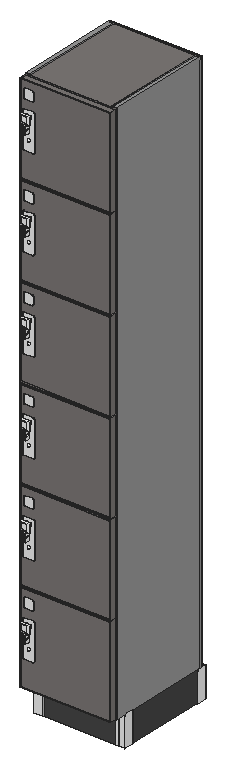
Revit family "Wood_Lockers_Hasps-Salsbury_Industries-46000_Series-1_Wide_Units.rfa", category Specialty Equipment, Revit 2016 (continued)
Definition of nested family "Wood Locker Flat Corner Fillers"
  Dimensions and locks (in)
    equal spacing: plane 5 "Left Side", plane 3 "Center (Left/Right)", plane 4 "Right Side"
    "Width": plane 5 "Left Side" to plane 4 "Right Side"
    "Depth": plane 6 "Front Side" to plane 7 "Back Side"
    "Height": plane 9 "Top Side" to plane 8 "Bottom"
    locked: plane 9 "Top Side" to plane 10 "Wood - Laminate Line" at 0.031
    locked: plane 6 "Front Side" to plane 12 at 3
    locked: plane 5 "Left Side" to plane 11 at 3
    plane 12 to plane 7 "Back Side" = 13.875"
    aligned and locked: level to plane 2
  Automatic sketch dimensions
    Extrusion 2 sketch curve to plane 5 "Left Side" = 0.000"
    plane 6 "Front Side" to Extrusion 2 sketch curve = 0.000"
    Extrusion 2 sketch curve to plane 11 = 0.000"
    Extrusion 2 sketch curve to plane 4 "Right Side" = 0.000"
    Extrusion 2 sketch curve to plane 12 = 0.000"
    plane 7 "Back Side" to Extrusion 2 sketch curve = 0.000"
    Extrusion 1 sketch curve to plane 5 "Left Side" = 0.000"
    plane 7 "Back Side" to Extrusion 1 sketch curve = 0.000"
    Extrusion 1 sketch curve to plane 12 = 0.000"
    Extrusion 1 sketch curve to plane 4 "Right Side" = 0.000"
    plane 6 "Front Side" to Extrusion 1 sketch curve = 0.000"
    Extrusion 1 sketch curve to plane 11 = 0.000"
Definition of nested family "Wood Locker Side Panels-No Slope"
  Parameters (values of type "44330 - 6' H for 15"D Lockers")
    Width = 14.625"
    Visible = yes
    Version = "1.0 (12/15/23)"
    Type Comments = "Side Panel for Premier Wood Lockers without Sloping Hood"
    Model = "44330"
    Manufacturer = "Salsbury Industries"
    Laminate Surface = none
    Height = 72.000"
    Door Trim = none
    Description = "6' H for 15\" D Lockers"
    Depth = 0.750"
  Types (6): name | Width | Visible | Version | Type Comments | Model | Manufacturer | Description
    (no name) | 14.625" | yes | "1.0 (12/15/23)" | "Side Panel for Premier Wood Lockers without Sloping Hood" | "44330" | "Salsbury Industries" | "6' H for 15\" D Lockers"
    44330 - 6' H for 15"D Lockers | 14.625" | yes | "1.0 (12/15/23)" | "Side Panel for Premier Wood Lockers without Sloping Hood" | "44330" | "Salsbury Industries" | "6' H for 15\" D Lockers"
    44333 - 6' H for 18" D Lockers | 17.625" | yes | "1.0 (12/15/23)" | "Side Panel for Premier Wood Lockers withouth Sloping Hood" | "44333" | "Salsbury Industries" | "6' H for 18\" D Lockers"
    44335 - 6' H for 21" D Lockers | 20.625" | yes | "1.0 (12/15/23)" | "Side Panel for Premier Wood Lockers without Sloping Hood" | "44335" | "Salsbury Industries" | "6' H for 21\" D Lockers"
    None | 14.000" | no | "" | "" | "" | "" | ""
    44237 - 6' H for 24" D Lockers | 23.625" | yes | "1.0 (12/15/23)" | "Side Panel for Premier Wood Lockers without Sloping Hood" | "44237" | "Salsbury Industries" | "6' H for 21\" D Lockers"
  Reference planes (in)
    plane 1 "Center (Front/Back)": y = 0
    plane 2: z = 0
    plane 3 "Center (Left/Right)": x = 0
    plane 4 "Back": y = 0.375
    plane 5 "Front": y = -0.375
    plane 6 "Left Side": x = -7.3125
    plane 7 "Right Side": x = 7.3125
    plane 8 "Bottom": z = 0
    plane 9 "Top": z = 72
    plane 10 "Center Elevation": z = 36
    plane 11 "Wood - Laminate Edge": y = -0.344
    plane 12 "Right Side of Wood": x = 7.2815
    plane 13 "Left Side of Wood": x = -7.2815
    plane 14 "Top of Wood": z = 71.969
    plane 15 "Bottom of Wood": z = 0.031
  Forms (in)
    Extrusion 1, solid, visible <- "Visible"
      sketch origin (0, 0.375, 0) x (1, 0, 0) y (0, 0, 1)
        loop
          line (7.2815, 71.969) -> (-7.2815, 71.969) -> (-7.2815, 0.031) -> (7.2815, 0.031) -> (7.2815, 71.969)
      from 0 to 0.719
    Extrusion 2, solid, material <- "Laminate Surface", visible <- "Visible"
      sketch origin (0, -0.375, 0) x (1, 0, 0) y (0, 0, 1)
        loop
          line (-7.3125, 72) -> (-7.3125, 0) -> (7.3125, 0) -> (7.3125, 72) -> (-7.3125, 72)
      from -0.031 to 0
    Extrusion 3, solid, material <- "Laminate Surface", visible <- "Visible"
      sketch origin (0, 0, 0) x (1, 0, 0) y (0, 0, 1)
        loop
          line (-7.3125, 0) -> (7.3125, 0) -> (7.3125, 72) -> (-7.3125, 72) -> (-7.3125, 0)
        loop
          line (-7.2815, 0.031) -> (7.2815, 0.031) -> (7.2815, 71.969) -> (-7.2815, 71.969) -> (-7.2815, 0.031)
      from -0.375 to 0.344
  Dimensions and locks (in)
    equal spacing: plane 6 "Left Side", plane 3 "Center (Left/Right)", plane 7 "Right Side"
    plane 5 "Front" to plane 1 "Center (Front/Back)" to plane 4 "Back" = 0.375", 0.375"
    "Width": plane 6 "Left Side" to plane 7 "Right Side"
    "Depth": plane 5 "Front" to plane 4 "Back"
    equal spacing: plane 9 "Top", plane 10 "Center Elevation", plane 8 "Bottom"
    "Height": plane 9 "Top" to plane 8 "Bottom"
    locked: plane 5 "Front" to plane 11 "Wood - Laminate Edge" at 0.031
    locked: plane 15 "Bottom of Wood" to plane 8 "Bottom" at 0.031
    locked: plane 12 "Right Side of Wood" to plane 7 "Right Side" at 0.031
    locked: plane 6 "Left Side" to plane 13 "Left Side of Wood" at 0.031
    locked: plane 9 "Top" to plane 14 "Top of Wood" at 0.031
    aligned and locked: level to plane 2
    aligned and locked: Extrusion 2 sketch curve to plane 7 "Right Side"
    aligned and locked: plane 8 "Bottom" to Extrusion 2 sketch curve
    aligned and locked: plane 6 "Left Side" to Extrusion 2 sketch curve
    aligned and locked: plane 9 "Top" to Extrusion 2 sketch curve
    aligned and locked: Extrusion 3 to plane 4 "Back"
    aligned and locked: plane 11 "Wood - Laminate Edge" to Extrusion 3
  Automatic sketch dimensions
    plane 13 "Left Side of Wood" to Extrusion 1 sketch curve = 0.000"
    plane 12 "Right Side of Wood" to Extrusion 1 sketch curve = 0.000"
    Extrusion 1 sketch curve to plane 15 "Bottom of Wood" = 0.000"
    Extrusion 1 sketch curve to plane 14 "Top of Wood" = 0.000"
    plane 13 "Left Side of Wood" to Extrusion 3 sketch curve = 0.000"
    Extrusion 3 sketch curve to level = 0.000"
    plane 13 "Left Side of Wood" to Extrusion 3 sketch curve = 0.031"
    plane 12 "Right Side of Wood" to Extrusion 3 sketch curve = 0.000"
    plane 7 "Right Side" to Extrusion 3 sketch curve = 0.000"
    Extrusion 3 sketch curve to plane 15 "Bottom of Wood" = 0.000"
    Extrusion 3 sketch curve to plane 14 "Top of Wood" = 0.000"
    Extrusion 3 sketch curve to plane 9 "Top" = 0.000"
Definition of nested family "Wood Locker Side Panels-With Slope"
  Parameters (values of type "33339 - 6' H for 15" D Lockers")
    Width = 14.000"
    Visible = yes
    Version = "1.0 (2/29/16)"
    Type Comments = "Side Panel for Designer Wood Lockers with Sloping Hood"
    Slope Height = 5.233"
    Model = "33339"
    Manufacturer = "Salsbury Industries"
    Laminate Surface = none
    Height = 72.164"
    Door Trim = none
    Description = "6' H for 15\" D Lockers"
    Depth = 0.750"
  Types (11): name | Width | Visible | Version | Type Comments | Slope Height | Model | Manufacturer | Height | Description
    (no name) | 14.000" | yes | "1.0 (2/29/16)" | "Side Panel for Designer Wood Lockers with Sloping Hood" | 5.233" | "33339" | "Salsbury Industries" | 72.164" | "6' H for 15\" D Lockers"
    33334 - 6' H  for 18" D Lockers | 17.000" | yes | "1.0 (2/29/16)" | "Side Panel for Designer Wood Lockers with Sloping Hood" | 6.358" | "33334" | "Salsbury Industries" | 72.153" | "6' H for 18\" D Lockers"
    33336 - 6' H for 21" D Lockers | 20.000" | yes | "1.0 (2/29/16)" | "Side Panel for Designer Wood Lockers with Sloping Hood" | 7.483" | "33336" | "Salsbury Industries" | 72.153" | "6' H for 21\" D Lockers"
    22238 - 6' H for 24" D Lockers | 23.000" | yes | "1.0 (2/29/16)" | "Side Panel for Extra Wide Designer Wood Lockers with Sloping Hood" | 8.608" | "22238" | "Salsbury Industries" | 72.153" | "6' H for 24\" D Lockers"
    33309 - 5' H for 15" D Lockers | 14.000" | yes | "1.0 (2/29/16)" | "Side Panel for Designer Wood Lockers with Sloping Hood" | 5.233" | "33309" | "Salsbury Industries" | 60.153" | "5' H for 15\" D Lockers"
    33304 - 5' H for 18" D Lockers | 17.000" | yes | "1.0 (2/29/16)" | "Side Panel for Designer Wood Lockers with Sloping Hood" | 6.358" | "33304" | "Salsbury Industries" | 60.153" | "5' H for 18\" D Lockers"
    33306 - 5' H for 21" D Lockers | 20.000" | yes | "1.0 (2/29/16)" | "Side Panel for Designer Wood Lockers with Sloping Hood" | 7.483" | "33306" | "Salsbury Industries" | 60.153" | "5' H for 21\" D Lockers"
    None | 14.000" | no | "" | "" | 5.500" | "" | "" | 72.000" | ""
    33339 - 6' H for 15" D Lockers | 14.000" | yes | "1.0 (2/29/16)" | "Side Panel for Designer Wood Lockers with Sloping Hood" | 5.233" | "33339" | "Salsbury Industries" | 72.164" | "6' H for 15\" D Lockers"
    22234 - 6' H for 18" D Lockers | 17.000" | yes | "1.0 (2/29/16)" | "Side Panel for Extra Wide Designer Wood Lockers with Sloping Hood" | 6.358" | "22234" | "Salsbury Industries" | 72.153" | "6' H for 18\" D Lockers"
    22236 - 6' H for 21" D Lockers | 20.000" | yes | "1.0 (2/29/16)" | "Side Panel for Extra Wide Designer Wood Lockers with Sloping Hood" | 7.483" | "22236" | "Salsbury Industries" | 72.153" | "6' H for 21\" D Lockers"
  Reference planes (in)
    plane 1 "Center (Front/Back)": y = 0
    plane 2: z = 0
    plane 3 "Center (Left/Right)": x = 0
    plane 4 "Back": y = 0.375
    plane 5 "Front": y = -0.375
    plane 6 "Left Side": x = -7
    plane 7 "Right Side": x = 7
    plane 8 "Bottom": z = 0
    plane 9 "Top": z = 72.164
    plane 10 "Center Elevation": z = 36.082
    plane 11 "Wood - Laminate Edge": y = -0.344
    plane 12 "Right Side of Wood": x = 6.875
    plane 13 "Left Side of Wood": x = -6.875
    plane 14 "Top of Wood": z = 72.039
    plane 15 "Bottom of Wood": z = 0.125
    plane 16: z = 77.397
    plane 17: z = 77.272
  Forms (in)
    Extrusion 1, solid, visible <- "Visible"
      sketch origin (0, 0.375, 0) x (1, 0, 0) y (0, 0, 1)
        loop
          arc (-6.875, 0.25) -> (-6.83839, 0.16161) -> (-6.75, 0.125) r 0.125
          line (-6.75, 0.125) -> (6.75, 0.125)
          arc (6.75, 0.125) -> (6.83839, 0.16161) -> (6.875, 0.25) r 0.125
          line (6.875, 0.25) -> (6.875, 71.914)
          arc (6.875, 71.914) -> (6.86548, 71.96184) -> (6.83839, 72.00239) r 0.125
          line (6.83839, 72.00239) -> (-6.70276, 77.26273)
          arc (-6.70276, 77.26273) -> (-6.81971, 77.25075) -> (-6.875, 77.147) r 0.125
          line (-6.875, 77.147) -> (-6.875, 0.25)
      from 0 to 0.719
    Extrusion 2, solid, material <- "Laminate Surface", visible <- "Visible"
      sketch origin (0, -0.375, 0) x (1, 0, 0) y (0, 0, 1)
        loop
          arc (-6.875, 0.25) -> (-6.83839, 0.16161) -> (-6.75, 0.125) r 0.125
          line (-6.75, 0.125) -> (6.75, 0.125)
          arc (6.75, 0.125) -> (6.83839, 0.16161) -> (6.875, 0.25) r 0.125
          line (6.875, 0.25) -> (6.875, 71.914)
          arc (6.875, 71.914) -> (6.86548, 71.96184) -> (6.83839, 72.00239) r 0.125
          line (6.83839, 72.00239) -> (-6.70276, 77.26273)
          arc (-6.70276, 77.26273) -> (-6.81971, 77.25075) -> (-6.875, 77.147) r 0.125
          line (-6.875, 77.147) -> (-6.875, 0.25)
      from -0.031 to 0
    Sweep 3, solid, material <- "Door Trim", visible <- "Visible"
      path origin (0, -0.375, 0) x (1, 0, 0) y (0, 0, 1)
        loop
          line (-6.875, 77.147) -> (-6.875, 0.25)
          arc (-6.875, 0.25) -> (-6.83839, 0.16161) -> (-6.75, 0.125) r 0.125
          line (-6.75, 0.125) -> (6.75, 0.125)
          arc (6.75, 0.125) -> (6.83839, 0.16161) -> (6.875, 0.25) r 0.125
          line (6.875, 0.25) -> (6.875, 71.914)
          arc (6.875, 71.914) -> (6.86548, 71.96184) -> (6.83839, 72.00239) r 0.125
          line (6.83839, 72.00239) -> (-6.70276, 77.26273)
          arc (-6.70276, 77.26273) -> (-6.81971, 77.25075) -> (-6.875, 77.147) r 0.125
      profile origin (-6.81971, -0.375, 77.25075) x (-0.557711, 0, 0.830035) y (0, -1, 0)
        loop
          line (0, 0) -> (0, -0.75) -> (0.125, -0.75) -> (0.125, 0) -> (0, 0)
  Dimensions and locks (in)
    equal spacing: plane 6 "Left Side", plane 3 "Center (Left/Right)", plane 7 "Right Side"
    plane 5 "Front" to plane 1 "Center (Front/Back)" to plane 4 "Back" = 0.375", 0.375"
    "Width": plane 6 "Left Side" to plane 7 "Right Side"
    "Depth": plane 5 "Front" to plane 4 "Back"
    equal spacing: plane 9 "Top", plane 10 "Center Elevation", plane 8 "Bottom"
    "Height": plane 9 "Top" to plane 8 "Bottom"
    locked: plane 5 "Front" to plane 11 "Wood - Laminate Edge" at 0.031
    locked: plane 15 "Bottom of Wood" to plane 8 "Bottom" at 0.125
    locked: plane 12 "Right Side of Wood" to plane 7 "Right Side" at 0.125
    locked: plane 6 "Left Side" to plane 13 "Left Side of Wood" at 0.125
    locked: plane 9 "Top" to plane 14 "Top of Wood" at 0.125
    "Slope Height": plane 16 to plane 9 "Top"
    locked: plane 16 to plane 17 at 0.125
    aligned and locked: level to plane 2
  Automatic sketch dimensions
    Sweep 3 sketch curve to profile plane = 0.000"
    plane 5 "Front" to Sweep 3 sketch curve = 0.000"
    Sweep 3 sketch curve to Sweep 3 sketch curve = 0.125"  (x3)
    Sweep 3 sketch curve to plane 5 "Front" = 0.750"
    Sweep 3 sketch curve to plane 13 "Left Side of Wood" = 0.000"
    Sweep 3 sketch curve to plane 15 "Bottom of Wood" = 0.000"
    plane 12 "Right Side of Wood" to Sweep 3 sketch curve = 0.000"
    Sweep 3 sketch curve to plane 13 "Left Side of Wood" = 0.125"  (x2)
    plane 17 to Sweep 3 sketch curve = 0.00927"
    Sweep 3 sketch curve to Sweep 3 sketch curve = 0.04724"
    plane 14 "Top of Wood" to Sweep 3 sketch curve = 0.125"
    plane 12 "Right Side of Wood" to Sweep 3 sketch curve = 0.03661"
    plane 13 "Left Side of Wood" to Extrusion 2 sketch curve = 0.000"
    Extrusion 2 sketch curve to plane 15 "Bottom of Wood" = 0.000"
    plane 12 "Right Side of Wood" to Extrusion 2 sketch curve = 0.000"
    Extrusion 2 sketch curve to plane 13 "Left Side of Wood" = 0.125"  (x2)
    plane 17 to Extrusion 2 sketch curve = 0.00927"
    Extrusion 2 sketch curve to Extrusion 2 sketch curve = 0.04724"
    Extrusion 2 sketch curve to Extrusion 2 sketch curve = 0.125"  (x2)
    plane 12 "Right Side of Wood" to Extrusion 2 sketch curve = 0.03661"
    plane 14 "Top of Wood" to Extrusion 2 sketch curve = 0.125"
    plane 13 "Left Side of Wood" to Extrusion 1 sketch curve = 0.000"
    Extrusion 1 sketch curve to plane 15 "Bottom of Wood" = 0.000"
    plane 12 "Right Side of Wood" to Extrusion 1 sketch curve = 0.000"
    Extrusion 1 sketch curve to plane 13 "Left Side of Wood" = 0.125"  (x2)
    plane 17 to Extrusion 1 sketch curve = 0.00927"
    Extrusion 1 sketch curve to Extrusion 1 sketch curve = 0.04724"
    plane 12 "Right Side of Wood" to Extrusion 1 sketch curve = 0.125"
    Extrusion 1 sketch curve to Extrusion 1 sketch curve = 0.125"
    plane 12 "Right Side of Wood" to Extrusion 1 sketch curve = 0.03661"
    plane 14 "Top of Wood" to Extrusion 1 sketch curve = 0.125"
Definition of nested family "Wood Locker Double Side Panels-No Slope"
  Parameters (values of type "44330DE - 6' H for 15"D Lockers")
    Width = 29.250"
    Visible = yes
    Version = "1.0 (12/15/23)"
    Type Comments = "Double End Panel for Premier Wood Lockers"
    Model = "44330DE"
    Manufacturer = "Salsbury Industries"
    Laminate Surface = none
    Height = 72.000"
    Door Trim = none
    Description = "For 6' H x 15\" D without Sloping Hood"
    Depth = 0.750"
  Types (6): name | Width | Visible | Version | Type Comments | Model | Manufacturer | Description
    (no name) | 29.250" | yes | "1.0 (12/15/23)" | "Double End Panel for Premier Wood Lockers" | "44330DE" | "Salsbury Industries" | "For 6' H x 15\" D without Sloping Hood"
    44330DE - 6' H for 15"D Lockers | 29.250" | yes | "1.0 (12/15/23)" | "Double End Panel for Premier Wood Lockers" | "44330DE" | "Salsbury Industries" | "For 6' H x 15\" D without Sloping Hood"
    44333DE - 6' H for 18" D Lockers | 35.250" | yes | "1.0 (12/15/23)" | "Double End Panel for Premier Wood Lockers" | "44333DE" | "Salsbury Industries" | "For 6' H x 18\" D without Sloping Hood"
    44335DE - 6' H for 21" D Lockers | 41.250" | yes | "1.0 (12/15/23)" | "Double End Panel for Premier Wood Lockers" | "44335DE" | "Salsbury Industries" | "For 6' H x 21\" D without Sloping Hood"
    None | 14.000" | no | "" | "" | "" | "" | ""
    44237DE - 6' H for 24" D Lockers | 47.250" | yes | "1.0 (12/15/23)" | "Double End Panel for Premier Wood Lockers" | "44237DE" | "Salsbury Industries" | "For 6' H x 21\" D without Sloping Hood"
  Reference planes (in)
    plane 1 "Center (Front/Back)": y = 0
    plane 2: z = 0
    plane 3 "Center (Left/Right)": x = 0
    plane 4 "Back": y = 0.375
    plane 5 "Front": y = -0.375
    plane 6 "Left Side": x = -14.625
    plane 7 "Right Side": x = 14.625
    plane 8 "Bottom": z = 0
    plane 9 "Top": z = 72
    plane 10 "Center Elevation": z = 36
    plane 11 "Wood - Laminate Edge": y = -0.344
    plane 12 "Right Side of Wood": x = 14.594
    plane 13 "Left Side of Wood": x = -14.594
    plane 14 "Top of Wood": z = 71.969
    plane 15 "Bottom of Wood": z = 0.031
  Forms (in)
    Extrusion 1, solid, visible <- "Visible"
      sketch origin (0, 0.375, 0) x (1, 0, 0) y (0, 0, 1)
        loop
          line (14.594, 71.969) -> (-14.594, 71.969) -> (-14.594, 0.031) -> (14.594, 0.031) -> (14.594, 71.969)
      from 0 to 0.719
    Extrusion 2, solid, material <- "Laminate Surface", visible <- "Visible"
      sketch origin (0, -0.375, 0) x (1, 0, 0) y (0, 0, 1)
        loop
          line (-14.625, 72) -> (-14.625, 0) -> (14.625, 0) -> (14.625, 72) -> (-14.625, 72)
      from -0.031 to 0
    Extrusion 3, solid, material <- "Laminate Surface", visible <- "Visible"
      sketch origin (0, 0, 0) x (1, 0, 0) y (0, 0, 1)
        loop
          line (-14.625, 0) -> (14.625, 0) -> (14.625, 72) -> (-14.625, 72) -> (-14.625, 0)
        loop
          line (14.594, 71.969) -> (-14.594, 71.969) -> (-14.594, 0.031) -> (14.594, 0.031) -> (14.594, 71.969)
      from -0.375 to 0.344
  Dimensions and locks (in)
    equal spacing: plane 6 "Left Side", plane 3 "Center (Left/Right)", plane 7 "Right Side"
    plane 5 "Front" to plane 1 "Center (Front/Back)" to plane 4 "Back" = 0.375", 0.375"
    "Width": plane 6 "Left Side" to plane 7 "Right Side"
    "Depth": plane 5 "Front" to plane 4 "Back"
    equal spacing: plane 9 "Top", plane 10 "Center Elevation", plane 8 "Bottom"
    "Height": plane 9 "Top" to plane 8 "Bottom"
    locked: plane 5 "Front" to plane 11 "Wood - Laminate Edge" at 0.031
    locked: plane 15 "Bottom of Wood" to plane 8 "Bottom" at 0.031
    plane 12 "Right Side of Wood" to plane 7 "Right Side" = 0.031"
    locked: plane 6 "Left Side" to plane 13 "Left Side of Wood" at 0.031
    locked: plane 9 "Top" to plane 14 "Top of Wood" at 0.031
    aligned and locked: level to plane 2
    aligned and locked: plane 8 "Bottom" to Extrusion 2 sketch curve
    aligned and locked: plane 6 "Left Side" to Extrusion 2 sketch curve
    aligned and locked: Extrusion 2 sketch curve to plane 7 "Right Side"
    aligned and locked: plane 9 "Top" to Extrusion 2 sketch curve
    aligned and locked: Extrusion 3 to plane 4 "Back"
    aligned and locked: plane 11 "Wood - Laminate Edge" to Extrusion 3
  Automatic sketch dimensions
    plane 13 "Left Side of Wood" to Extrusion 1 sketch curve = 0.000"
    plane 12 "Right Side of Wood" to Extrusion 1 sketch curve = 0.000"
    Extrusion 1 sketch curve to plane 15 "Bottom of Wood" = 0.000"
    Extrusion 1 sketch curve to plane 14 "Top of Wood" = 0.000"
    Extrusion 3 sketch curve to level = 0.000"
    plane 6 "Left Side" to Extrusion 3 sketch curve = 0.000"
    plane 7 "Right Side" to Extrusion 3 sketch curve = 0.000"
    Extrusion 3 sketch curve to plane 9 "Top" = 0.000"
    plane 13 "Left Side of Wood" to Extrusion 3 sketch curve = 0.000"
    Extrusion 3 sketch curve to plane 15 "Bottom of Wood" = 0.000"
    Extrusion 3 sketch curve to plane 14 "Top of Wood" = 0.000"
    plane 12 "Right Side of Wood" to Extrusion 3 sketch curve = 0.000"
Definition of nested family "Wood Locker Double Side Panels-With Slope"
  Parameters (values of type "44339DE - 6' H for 15"D Lockers")
    Width = 29.250"
    Visible = yes
    Version = "1.0 (12/15/23)"
    Type Comments = "Double End Panel for Premier Wood Lockers"
    Slope Height = 5.681"
    Model = "44339DE"
    Manufacturer = "Salsbury Industries"
    Laminate Surface = none
    Height = 72.062"
    Door Trim = none
    Description = "For 6' H x 15\" D Lockers with Sloping Hood"
    Depth = 0.750"
  Types (6): name | Width | Visible | Version | Type Comments | Slope Height | Model | Manufacturer | Height | Description
    (no name) | 29.250" | yes | "1.0 (12/15/23)" | "Double End Panel for Premier Wood Lockers" | 5.681" | "44339DE" | "Salsbury Industries" | 72.062" | "For 6' H x 15\" D Lockers with Sloping Hood"
    44339DE - 6' H for 15"D Lockers | 29.250" | yes | "1.0 (12/15/23)" | "Double End Panel for Premier Wood Lockers" | 5.681" | "44339DE" | "Salsbury Industries" | 72.062" | "For 6' H x 15\" D Lockers with Sloping Hood"
    44334DE - 6' H  for 18" D Lockers | 35.250" | yes | "1.0 (12/15/23)" | "Double End Panel for Premier Wood Lockers" | 6.806" | "44334DE" | "Salsbury Industries" | 72.062" | "For 6' H x 18\" D Lockers with Sloping Hood"
    44336DE - 6' H for 21" D Lockers | 41.250" | yes | "1.0 (12/15/23)" | "Double End Panel for Premier Wood Lockers" | 7.931" | "44336DE" | "Salsbury Industries" | 72.062" | "For 6' H x 21\" D Lockers with Sloping Hood"
    None | 14.000" | no | "" | "" | 5.500" | "" | "" | 72.000" | ""
    44238DE - 6' H for 24" D Lockers | 47.250" | yes | "1.0 (12/15/23)" | "Double End Panel for Premier Wood Lockers" | 8.895" | "442386DE" | "Salsbury Industries" | 72.153" | "For 6' H x 21\" D Lockers with Sloping Hood"
  Reference planes (in)
    plane 1 "Center (Front/Back)": y = 0
    plane 2: z = 0
    plane 3 "Center (Left/Right)": x = 0
    plane 4 "Back": y = 0.375
    plane 5 "Front": y = -0.375
    plane 6 "Left Side": x = -14.625
    plane 7 "Right Side": x = 14.625
    plane 8 "Bottom": z = 0
    plane 9 "Top": z = 72.062
    plane 10 "Center Elevation": z = 36.031
    plane 11 "Wood - Laminate Edge": y = -0.344
    plane 12 "Right Side of Wood": x = 14.594
    plane 13 "Left Side of Wood": x = -14.594
    plane 14 "Top of Wood": z = 71.937
    plane 15 "Bottom of Wood": z = 0.125
    plane 16: z = 77.743
    plane 17: z = 77.712
  Forms (in)
    Extrusion 1, solid, visible <- "Visible"
      sketch origin (0, 0.375, 0) x (1, 0, 0) y (0, 0, 1)
        loop
          line (14.594, 72.031) -> (0, 77.712) -> (-14.594, 72.031) -> (-14.594, 0) -> (14.594, 0) -> (14.594, 72.031)
      from 0 to 0.719
    Extrusion 2, solid, material <- "Laminate Surface", visible <- "Visible"
      sketch origin (0, -0.375, 0) x (1, 0, 0) y (0, 0, 1)
        loop
          line (14.625, 0) -> (14.625, 72.062) -> (0, 77.743) -> (-14.625, 72.062) -> (-14.625, 0) -> (14.625, 0)
      from -0.031 to 0
    Extrusion 3, solid, material <- "Laminate Surface", visible <- "Visible"
      sketch origin (0, 0.375, 0) x (1, 0, 0) y (0, 0, 1)
        loop
          line (14.625, 0) -> (14.625, 72.062) -> (0, 77.743) -> (-14.625, 72.062) -> (-14.625, 0) -> (-14.594, 0) -> (-14.594, 72.031) -> (0, 77.712) -> (14.594, 72.031) -> (14.594, 0) -> (14.625, 0)
      from 0 to 0.719
  Dimensions and locks (in)
    equal spacing: plane 6 "Left Side", plane 3 "Center (Left/Right)", plane 7 "Right Side"
    plane 5 "Front" to plane 1 "Center (Front/Back)" to plane 4 "Back" = 0.375", 0.375"
    "Width": plane 6 "Left Side" to plane 7 "Right Side"
    "Depth": plane 5 "Front" to plane 4 "Back"
    equal spacing: plane 9 "Top", plane 10 "Center Elevation", plane 8 "Bottom"
    "Height": plane 9 "Top" to plane 8 "Bottom"
    locked: plane 5 "Front" to plane 11 "Wood - Laminate Edge" at 0.031
    locked: plane 15 "Bottom of Wood" to plane 8 "Bottom" at 0.125
    locked: plane 12 "Right Side of Wood" to plane 7 "Right Side" at 0.031
    locked: plane 6 "Left Side" to plane 13 "Left Side of Wood" at 0.031
    locked: plane 9 "Top" to plane 14 "Top of Wood" at 0.125
    "Slope Height": plane 16 to plane 9 "Top"
    locked: plane 16 to plane 17 at 0.031
    aligned and locked: level to plane 2
    aligned and locked: Extrusion 3 to plane 4 "Back"
    aligned and locked: plane 11 "Wood - Laminate Edge" to Extrusion 3
  Automatic sketch dimensions
    plane 6 "Left Side" to Extrusion 2 sketch curve = 0.000"
    Extrusion 2 sketch curve to plane 3 "Center (Left/Right)" = 0.000"
    plane 7 "Right Side" to Extrusion 2 sketch curve = 0.000"
    Extrusion 2 sketch curve to level = 0.000"
    Extrusion 2 sketch curve to plane 9 "Top" = 0.000"  (x2)
    Extrusion 2 sketch curve to plane 16 = 0.000"
    Extrusion 1 sketch curve to level = 0.000"
    plane 13 "Left Side of Wood" to Extrusion 1 sketch curve = 0.000"
    Extrusion 1 sketch curve to plane 3 "Center (Left/Right)" = 0.000"
    plane 12 "Right Side of Wood" to Extrusion 1 sketch curve = 0.000"
    Extrusion 1 sketch curve to plane 17 = 0.000"
    plane 9 "Top" to Extrusion 1 sketch curve = 0.031"  (x2)
    Extrusion 3 sketch curve to level = 0.000"  (x2)
    plane 6 "Left Side" to Extrusion 3 sketch curve = 0.000"
    plane 13 "Left Side of Wood" to Extrusion 3 sketch curve = 0.000"
    Extrusion 3 sketch curve to plane 3 "Center (Left/Right)" = 0.000"  (x2)
    plane 12 "Right Side of Wood" to Extrusion 3 sketch curve = 0.000"
    plane 7 "Right Side" to Extrusion 3 sketch curve = 0.000"
    Extrusion 3 sketch curve to plane 9 "Top" = 0.000"  (x2)
    plane 9 "Top" to Extrusion 3 sketch curve = 0.031"  (x2)
    Extrusion 3 sketch curve to plane 17 = 0.000"
    Extrusion 3 sketch curve to plane 16 = 0.000"
Definition of nested family "Wood Locker Front Fillers"
  Parameters (values of type "44469 - 9" W for 6' H Lockers without Base")
    Width = 9.000"
    Visible Base = no
    Visible = yes
    Version = "1.0 (1/31/24)"
    Type Comments = "Front Vertical Filler for Premier Wood Lockers"
    Model = "44469"
    Manufacturer = "Salsbury Industries"
    Laminate Surface = none
    Height = 72.000"
    Description = "For 6' H Lockers"
    Depth = 0.750"
    Base Height = 0.000"
  Types (6): name | Width | Visible Base | Visible | Version | Type Comments | Model | Manufacturer | Description | Base Height
    (no name) | 9.000" | no | yes | "1.0 (1/31/24)" | "Front Vertical Filler for Premier Wood Lockers" | "44469" | "Salsbury Industries" | "For 6' H Lockers" | 0.000"
    44467 - 15"W for 6' H Lockers with Base | 15.000" | yes | yes | "1.0 (01/31/24)" | "Front Vertical Filler for Premier Wood Lockers" | "444367" | "Salsbury Industries" | "For 6' H Lockers" | 4.000"
    None | 15.000" | no | no | "" | "" | "" | "" | "" | 4.000"
    44469 - 9" W for 6' H Lockers with Base | 9.000" | yes | yes | "1.0 (01/31/24)" | "Front Vertical Filler for Premier Wood Lockers" | "44469" | "Salsbury Industries" | "For 6' H Lockers" | 4.000"
    44467 - 15" W for 6'H Lockers without Base | 15.000" | no | yes | "1.0 (01/31/24)" | "Front Vertical Filler for Premier Wood Lockers" | "44467" | "Salsbury Industries" | "For 6' H Lockers" | 0.000"
    44469 - 9" W for 6' H Lockers without Base | 9.000" | no | yes | "1.0 (1/31/24)" | "Front Vertical Filler for Premier Wood Lockers" | "44469" | "Salsbury Industries" | "For 6' H Lockers" | 0.000"
  Reference planes (in)
    plane 1 "Center (Front/Back)": y = 0
    plane 2: z = 0
    plane 3 "Center (Left/Right)": x = 0
    plane 4 "Back": y = 0.375
    plane 5 "Front": y = -0.375
    plane 6 "Left Side": x = -4.5
    plane 7 "Right Side": x = 4.5
    plane 8 "Bottom": z = 0
    plane 9 "Top": z = 72
    plane 10 "Center Elevation": z = 36
    plane 11 "Wood - Laminate Edge": y = -0.344
    plane 12 "Right Side of Wood": x = 4.375
    plane 13 "Left Side of Wood": x = -4.375
    plane 14 "Top of Wood": z = 71.875
    plane 15 "Bottom of Wood": z = 0.125
    plane 16 "Front of Base Filler": y = 1
  Forms (in)
    Extrusion 1, solid, visible <- "Visible"
      sketch origin (0, 0.375, 0) x (1, 0, 0) y (0, 0, 1)
        loop
          line (4.5, 72) -> (-4.5, 72) -> (-4.5, 0) -> (4.5, 0) -> (4.5, 72)
      from 0 to 0.719
    Extrusion 2, solid, material <- "Laminate Surface", visible <- "Visible"
      sketch origin (0, -0.375, 0) x (1, 0, 0) y (0, 0, 1)
        loop
          line (-4.5, 72) -> (-4.5, 0) -> (4.5, 0) -> (4.5, 72) -> (-4.5, 72)
      from -0.031 to 0
    Extrusion 3, solid, visible <- "Visible Base"
      sketch origin (0, 0, 0) x (1, 0, 0) y (0, 1, 0)
        loop
          line (-4.5, 1.75) -> (-4.5, 0.375) -> (4.5, 0.375) -> (4.5, 1.75) -> (-4.5, 1.75)
      from 0 to 0.75
    Extrusion 4, solid, visible <- "Visible Base"
      sketch origin (0, 0, 0) x (1, 0, 0) y (0, 1, 0)
        loop
          line (-4.5, 1.75) -> (-4.5, 1) -> (4.5, 1) -> (4.5, 1.75) -> (-4.5, 1.75)
      from 0 to -4
  Dimensions and locks (in)
    equal spacing: plane 6 "Left Side", plane 3 "Center (Left/Right)", plane 7 "Right Side"
    plane 5 "Front" to plane 1 "Center (Front/Back)" to plane 4 "Back" = 0.375", 0.375"
    "Width": plane 6 "Left Side" to plane 7 "Right Side"
    "Depth": plane 5 "Front" to plane 4 "Back"
    equal spacing: plane 9 "Top", plane 10 "Center Elevation", plane 8 "Bottom"
    locked: plane 5 "Front" to plane 11 "Wood - Laminate Edge" at 0.031
    locked: plane 15 "Bottom of Wood" to plane 8 "Bottom" at 0.125
    locked: plane 12 "Right Side of Wood" to plane 7 "Right Side" at 0.125
    locked: plane 6 "Left Side" to plane 13 "Left Side of Wood" at 0.125
    locked: plane 9 "Top" to plane 14 "Top of Wood" at 0.125
    locked: plane 5 "Front" to plane 16 "Front of Base Filler" at 1.375
    "Base Height": plane 8 "Bottom" to plane 2
    "Height": plane 9 "Top" to plane 8 "Bottom"
    aligned and locked: level to plane 2
    aligned and locked: plane 8 "Bottom" to Extrusion 1
  Automatic sketch dimensions
    plane 6 "Left Side" to Extrusion 1 sketch curve = 0.000"
    plane 7 "Right Side" to Extrusion 1 sketch curve = 0.000"
    level to Extrusion 1 sketch curve = 0.000"
    Extrusion 1 sketch curve to plane 9 "Top" = 0.000"
    plane 6 "Left Side" to Extrusion 2 sketch curve = 0.000"
    plane 7 "Right Side" to Extrusion 2 sketch curve = 0.000"
    plane 15 "Bottom of Wood" to Extrusion 2 sketch curve = 0.125"
    Extrusion 2 sketch curve to plane 9 "Top" = 0.000"
    plane 4 "Back" to Extrusion 3 sketch curve = 0.000"
    Extrusion 3 sketch curve to plane 6 "Left Side" = 0.000"
    Extrusion 3 sketch curve to plane 7 "Right Side" = 0.000"
    Extrusion 3 sketch curve to plane 16 "Front of Base Filler" = 0.750"
    Extrusion 4 sketch curve to plane 6 "Left Side" = 0.000"
    Extrusion 4 sketch curve to plane 7 "Right Side" = 0.000"
    plane 16 "Front of Base Filler" to Extrusion 4 sketch curve = 0.000"
    Extrusion 4 sketch curve to plane 16 "Front of Base Filler" = 0.750"
Definition of nested family "Wood Locker Front Corner Filler"
  Parameters (values of type "44464 - for 6' H Lockers with Base")
    Width = 2.250"
    Visible Base = yes
    Visible = yes
    Version = "1.0 (12/15/23)"
    Type Comments = "Front Vertical Corner Filler for Designer Wood Lockers"
    Primary Structure Materials = none
    Model = "44464"
    Manufacturer = "Salsbury Industries"
    Laminate Surface = none
    Height = 72.000"
    Description = "For 6' H Lockers"
    Depth = 0.750"
    Base Primary Materials = none
    Base Height = 4.000"
  Types (3): name | Visible Base | Visible | Version | Type Comments | Model | Manufacturer | Description | Base Height
    None | no | no | "" | "" | "" | "" | "" | 4.000"
    44464 - for 6'H Lockers without Base | no | yes | "1.0 (12/15/23)" | "Front Vertical Corner Filler for Designer Wood Lockers" | "44464" | "Salsbury Industries" | "For 6' H Lockers" | 0.000"
    44464 - for 6' H Lockers with Base | yes | yes | "1.0 (12/15/23)" | "Front Vertical Corner Filler for Designer Wood Lockers" | "44464" | "Salsbury Industries" | "For 6' H Lockers" | 4.000"
  Reference planes (in)
    plane 1 "Center (Front/Back)": y = 0
    plane 2 "Bottom of Base": z = 0
    plane 3 "Center (Left/Right)": x = 0
    plane 4 "Back": y = 0.375
    plane 5 "Front": y = -0.375
    plane 6 "Left Side": x = -1.125
    plane 7 "Right Side": x = 1.125
    plane 8 "Bottom": z = 4
    plane 9 "Top": z = 76
    plane 10 "Center Elevation": z = 40
    plane 11 "Wood - Laminate Edge": y = -0.344
    plane 12 "Right Side of Wood": x = 1
    plane 13 "Left Side of Wood": x = -1
    plane 14 "Top of Wood": z = 75.875
    plane 15 "Bottom of Wood": z = 4.125
    plane 16 "Front of Base Filler": y = 1
  Forms (in)
    Extrusion 1, solid, material <- "Primary Structure Materials", visible <- "Visible"
      sketch origin (0, 0.375, 0) x (1, 0, 0) y (0, 0, 1)
        loop
          line (1.125, 76) -> (-1.156, 76) -> (-1.156, 4) -> (1.125, 4) -> (1.125, 76)
      from 0 to 0.719
    Extrusion 2, solid, material <- "Laminate Surface", visible <- "Visible"
      sketch origin (0, -0.375, 0) x (1, 0, 0) y (0, 0, 1)
        loop
          line (-1.125, 76) -> (-1.125, 4) -> (1.125, 4) -> (1.125, 76) -> (-1.125, 76)
      from -0.031 to 0
    Extrusion 3, solid, material <- "Primary Structure Materials", visible <- "Visible"
      sketch origin (-1.875, -1.5, 0) x (0, 1, 0) y (0, 0, 1)
        loop
          line (1.875, 76) -> (-1.125, 76) -> (-1.125, 4) -> (1.875, 4) -> (1.875, 76)
      from 0 to 0.719
    Extrusion 4, solid, material <- "Laminate Surface", visible <- "Visible"
      sketch origin (-1.125, -1.5, 0) x (0, 1, 0) y (0, 0, 1)
        loop
          line (-1.125, 76) -> (-1.125, 4) -> (1.156, 4) -> (1.156, 76) -> (-1.125, 76)
      from -0.031 to 0
    Extrusion 5, solid, material <- "Base Primary Materials", visible <- "Visible Base"
      sketch origin (0, 0, 0) x (1, 0, 0) y (0, 1, 0)
        loop
          line (-3.25, 1.75) -> (-3.25, -2.625) -> (-1.875, -2.625) -> (-1.875, 1.75) -> (-3.25, 1.75)
      from 4 to 4.75
    Extrusion 6, solid, material <- "Base Primary Materials", visible <- "Visible Base"
      sketch origin (0, 0, 0) x (1, 0, 0) y (0, 1, 0)
        loop
          line (-1.875, 1.75) -> (-1.875, 0.375) -> (1.125, 0.375) -> (1.125, 1.75) -> (-1.875, 1.75)
      from 4 to 4.75
    Extrusion 7, solid, material <- "Base Primary Materials", visible <- "Visible Base"
      sketch origin (0, 0, 0) x (1, 0, 0) y (0, 1, 0)
        loop
          line (1.125, 1.75) -> (-2.43407, 1.75) -> (-2.43407, 1) -> (1.125, 1) -> (1.125, 1.75)
      from 0 to 4
    Extrusion 8, solid, material <- "Base Primary Materials", visible <- "Visible Base"
      sketch origin (0, 0, 0) x (1, 0, 0) y (0, 1, 0)
        loop
          line (-3.25, 1.75) -> (-3.25, -2.625) -> (-2.43407, -2.625) -> (-2.43407, 1.75) -> (-3.25, 1.75)
      from 0 to 4
  Dimensions and locks (in)
    equal spacing: plane 6 "Left Side", plane 3 "Center (Left/Right)", plane 7 "Right Side"
    plane 5 "Front" to plane 1 "Center (Front/Back)" to plane 4 "Back" = 0.375", 0.375"
    "Width": plane 6 "Left Side" to plane 7 "Right Side"
    "Depth": plane 5 "Front" to plane 4 "Back"
    equal spacing: plane 9 "Top", plane 10 "Center Elevation", plane 8 "Bottom"
    "Height": plane 9 "Top" to plane 8 "Bottom"
    locked: plane 5 "Front" to plane 11 "Wood - Laminate Edge" at 0.031
    locked: plane 15 "Bottom of Wood" to plane 8 "Bottom" at 0.125
    locked: plane 12 "Right Side of Wood" to plane 7 "Right Side" at 0.125
    locked: plane 6 "Left Side" to plane 13 "Left Side of Wood" at 0.125
    locked: plane 9 "Top" to plane 14 "Top of Wood" at 0.125
    locked: plane 5 "Front" to plane 16 "Front of Base Filler" at 1.375
    "Base Height": plane 8 "Bottom" to plane 2 "Bottom of Base"
    aligned and locked: level to plane 2 "Bottom of Base"
    aligned and locked: plane 8 "Bottom" to Extrusion 1
    aligned and locked: Extrusion 7 to Extrusion 5
    aligned and locked: Extrusion 8 to Extrusion 5
    aligned and locked: Extrusion 7 to Extrusion 8
  Automatic sketch dimensions
    Extrusion 1 sketch curve to plane 9 "Top" = 0.000"
    Extrusion 1 sketch curve to plane 8 "Bottom" = 0.000"
    plane 7 "Right Side" to Extrusion 1 sketch curve = 0.000"
    plane 6 "Left Side" to Extrusion 1 sketch curve = 0.031"
    plane 6 "Left Side" to Extrusion 2 sketch curve = 0.000"
    plane 7 "Right Side" to Extrusion 2 sketch curve = 0.000"
    Extrusion 2 sketch curve to plane 8 "Bottom" = 0.000"
    Extrusion 2 sketch curve to plane 9 "Top" = 0.000"
    plane 9 "Top" to Extrusion 3 sketch curve = 0.000"
    plane 8 "Bottom" to Extrusion 3 sketch curve = 0.000"
    Extrusion 3 sketch curve to plane 4 "Back" = 0.000"
    plane 5 "Front" to Extrusion 3 sketch curve = 2.250"
    plane 8 "Bottom" to Extrusion 4 sketch curve = 0.000"
    plane 9 "Top" to Extrusion 4 sketch curve = 0.000"
    Extrusion 4 sketch curve to plane 11 "Wood - Laminate Edge" = 0.000"
    plane 5 "Front" to Extrusion 4 sketch curve = 2.250"
    plane 6 "Left Side" to Extrusion 5 sketch curve = 2.125"
    plane 6 "Left Side" to Extrusion 5 sketch curve = 0.750"
    plane 5 "Front" to Extrusion 5 sketch curve = 2.250"
    Extrusion 5 sketch curve to plane 16 "Front of Base Filler" = 0.750"
    plane 16 "Front of Base Filler" to Extrusion 7 sketch curve = 0.000"
    Extrusion 7 sketch curve to plane 7 "Right Side" = 0.000"
    plane 6 "Left Side" to Extrusion 7 sketch curve = 1.30907"
    Extrusion 7 sketch curve to plane 16 "Front of Base Filler" = 0.750"
    plane 6 "Left Side" to Extrusion 8 sketch curve = 2.125"
    Extrusion 8 sketch curve to Extrusion 8 sketch curve = 0.81593"
    plane 5 "Front" to Extrusion 8 sketch curve = 2.250"
    Extrusion 8 sketch curve to plane 16 "Front of Base Filler" = 0.750"
    plane 4 "Back" to Extrusion 6 sketch curve = 0.000"
    Extrusion 6 sketch curve to plane 7 "Right Side" = 0.000"
    plane 6 "Left Side" to Extrusion 6 sketch curve = 0.750"
    Extrusion 6 sketch curve to plane 16 "Front of Base Filler" = 0.750"
Definition of nested family "Wood Locker Sloping In-Line Fillers"
  Parameters (values of type "44481 - 15" W for 21" D Lockers")
    Width = 15.000"
    Visible = yes
    Version = "1.0 (12/15/23)"
    Type Comments = "Sloping Hood In-Line Filler for Premier Wood Lockers"
    Model = "44481"
    Manufacturer = "Salsbury Industries"
    Laminate Surface = none
    Height = 7.993"
    Description = "For 21\" D Lockers"
    Depth = 20.625"
  Types (10): name | Width | Visible | Version | Type Comments | Model | Manufacturer | Height | Description | Depth
    (no name) | 15.000" | yes | "1.0 (12/15/23)" | "Sloping Hood In-Line Filler for Premier Wood Lockers" | "44481" | "Salsbury Industries" | 7.993" | "For 21\" D Lockers" | 20.625"
    44487 - 15" W for 15" D Lockers | 15.000" | yes | "1.0 (12/15/23)" | "Sloping Hood In-Line Filler for Premier Wood Lockers" | "44487" | "Salsbury Industries" | 5.743" | "For 15\" D Lockers" | 14.625"
    44488 - 15" W for 18" D Lockers | 15.000" | yes | "1.0 (12/15/23)" | "Sloping Hood In-Line Filler for Premier Wood Lockers" | "44488" | "Salsbury Industries" | 6.868" | "For 18\" D Lockers" | 17.625"
    44481 - 15" W for 21" D Lockers | 15.000" | yes | "1.0 (12/15/23)" | "Sloping Hood In-Line Filler for Premier Wood Lockers" | "44481" | "Salsbury Industries" | 7.993" | "For 21\" D Lockers" | 20.625"
    None | 12.000" | no | "" | "" | "" | "" | 5.500" | "" | 14.000"
    44489 - 15" W for 24" D Lockers | 15.000" | yes | "1.0 (12/15/23)" | "Sloping Hood In-Line Filler for Premier Wood Lockers" | "44489" | "Salsbury Industries" | 8.875" | "For 24\" D Lockers" | 23.000"
    44488 - 9" W for 18" D Lockers | 9.000" | yes | "1.0 (12/15/23)" | "Sloping Hood In-Line Filler for Premier Wood Lockers" | "44488" | "Salsbury Industries" | 6.868" | "For 18\" D Lockers" | 17.625"
    44487 - 9" W for 15" D Lockers | 9.000" | yes | "1.0 (12/15/23)" | "Sloping Hood In-Line Filler for Premier Wood Lockers" | "44487" | "Salsbury Industries" | 5.743" | "For 15\" D Lockers" | 14.625"
    44481 - 9" W for 21" D Lockers | 9.000" | yes | "1.0 (12/15/23)" | "Sloping Hood In-Line Filler for Premier Wood Lockers" | "44481" | "Salsbury Industries" | 7.750" | "For 21\" D Lockers" | 20.000"
    44489 - 9" W for 24" D Lockers | 9.000" | yes | "1.0 (12/15/23)" | "Sloping Hood In-Line Filler for Premier Wood Lockers" | "44489" | "Salsbury Industries" | 8.875" | "For 24\" D Lockers" | 23.000"
  Reference planes (in)
    plane 1 "Center (Front/Back)": y = 0
    plane 2: z = 0
    plane 3 "Center (Left/Right)": x = 0
    plane 4 "Front of Hood": y = -10.3125
    plane 5 "Back of Hood": y = 10.3125
    plane 6 "Right Side of Hood": x = 7.5
    plane 7 "Left Side of Hood": x = -7.5
    plane 8 "Bottom of Hood": z = 0
    plane 9 "Top of Hood": z = 7.993
    plane 10: x = 6.75
    plane 11: x = -6.75
    plane 12: y = -10.2815
    plane 13: y = -9.5625
    plane 14: z = 7.962
    plane 15: z = 7.243
    plane 16: z = 0.062
    plane 17: z = 0.75
  Forms (in)
    Extrusion 1, solid, visible <- "Visible"
      sketch origin (0, 0, 0) x (0, 1, 0) y (0, 0, 1)
        loop
          line (-8.47273, 0) -> (10.3125, 7.243) -> (10.3125, 7.962) -> (-10.23269, 0.062) -> (-10.2815, 0.062) -> (-10.2815, 0) -> (-8.47273, 0)
      from -7.5 to 7.5
    Extrusion 2, solid, material <- "Laminate Surface", visible <- "Visible"
      sketch origin (0, 0, 0) x (0, 1, 0) y (0, 0, 1)
        loop
          line (-10.3125, 0.062) -> (-10.3125, 0) -> (-10.2815, 0) -> (-10.2815, 0.062) -> (-10.3125, 0.062)
      from -7.5 to 7.5
    Extrusion 3, solid, material <- "Laminate Surface", visible <- "Visible"
      sketch origin (0, 0, 0) x (0, 1, 0) y (0, 0, 1)
        loop
          line (10.3125, 7.993) -> (-10.3125, 0.062) -> (-10.23269, 0.062) -> (10.3125, 7.962) -> (10.3125, 7.993)
      from -7.5 to 7.5
  Dimensions and locks (in)
    equal spacing: plane 7 "Left Side of Hood", plane 3 "Center (Left/Right)", plane 6 "Right Side of Hood"
    "Width": plane 7 "Left Side of Hood" to plane 6 "Right Side of Hood"
    equal spacing: plane 4 "Front of Hood", plane 1 "Center (Front/Back)", plane 5 "Back of Hood"
    "Depth": plane 4 "Front of Hood" to plane 5 "Back of Hood"
    "Height": plane 9 "Top of Hood" to plane 8 "Bottom of Hood"
    plane 7 "Left Side of Hood" to plane 11 = 0.750"
    plane 10 to plane 6 "Right Side of Hood" = 0.750"
    plane 4 "Front of Hood" to plane 12 to plane 13 = 0.031" locked, 0.719" locked
    plane 15 to plane 14 to plane 9 "Top of Hood" = 0.719" locked, 0.031" locked
    locked: plane 16 to plane 8 "Bottom of Hood" at 0.062
    locked: plane 17 to plane 8 "Bottom of Hood" at 0.75
    aligned and locked: level to plane 2
    aligned and locked: Extrusion 1 to plane 6 "Right Side of Hood"
    aligned and locked: plane 7 "Left Side of Hood" to Extrusion 1
    aligned and locked: plane 7 "Left Side of Hood" to Extrusion 3
    aligned and locked: Extrusion 3 to plane 6 "Right Side of Hood"
    aligned and locked: Extrusion 2 to plane 6 "Right Side of Hood"
    aligned and locked: plane 7 "Left Side of Hood" to Extrusion 2
  Automatic sketch dimensions
    Extrusion 2 sketch curve to level = 0.000"
    Extrusion 2 sketch curve to plane 4 "Front of Hood" = 0.000"
    Extrusion 2 sketch curve to plane 12 = 0.000"
    plane 16 to Extrusion 2 sketch curve = 0.000"
    Extrusion 3 sketch curve to plane 4 "Front of Hood" = 0.000"
    plane 16 to Extrusion 3 sketch curve = 0.000"
    Extrusion 3 sketch curve to plane 5 "Back of Hood" = 0.000"
    plane 14 to Extrusion 3 sketch curve = 0.000"
    plane 9 "Top of Hood" to Extrusion 3 sketch curve = 0.000"
    Extrusion 3 sketch curve to plane 12 = 0.04881"
    Extrusion 1 sketch curve to level = 0.000"
    Extrusion 1 sketch curve to plane 12 = 0.000"
    plane 16 to Extrusion 1 sketch curve = 0.000"
    Extrusion 1 sketch curve to plane 5 "Back of Hood" = 0.000"
    plane 15 to Extrusion 1 sketch curve = 0.000"
    plane 14 to Extrusion 1 sketch curve = 0.000"
    Extrusion 1 sketch curve to plane 13 = 1.08977"
    Extrusion 1 sketch curve to plane 12 = 0.04881"
Definition of nested family "Wood Locker Flat In-Line Fillers"
  Parameters (values of type "44447 - 15" W for 15" D Lockers")
    Width = 15.000"
    Visible = yes
    Version = "1.0 (12/15/23)"
    Type Comments = "Flat Top In-Line Filler for Premier Wood Lockers"
    Model = "44447"
    Manufacturer = "Salsbury Industries"
    Laminate Surface = none
    Height = 0.750"
    Description = "For 15\" D Lockers"
    Depth = 13.250"
  Types (10): name | Width | Visible | Version | Type Comments | Model | Manufacturer | Description | Depth
    (no name) | 15.000" | yes | "1.0 (12/15/23)" | "Flat Top In-Line Filler for Premier Wood Lockers" | "44447" | "Salsbury Industries" | "For 15\" D Lockers" | 13.250"
    44447 - 15" W for 15" D Lockers | 15.000" | yes | "1.0 (12/15/23)" | "Flat Top In-Line Filler for Premier Wood Lockers" | "44447" | "Salsbury Industries" | "For 15\" D Lockers" | 13.250"
    44448 - 15" W for 18" D Lockers | 15.000" | yes | "1.0 (12/15/23)" | "Flat Top In-Line Filler for Premier Wood Lockers" | "44448" | "Salsbury Industries" | "For 18\" D Lockers" | 16.250"
    44441 - 15" W for 21" D Lockers | 15.000" | yes | "1.0 (12/15/23)" | "Flat Top In-Line Filler for Premier Wood Lockers" | "44441" | "Salsbury Industries" | "For 21\" D Lockers" | 19.250"
    None | 15.000" | no | "" | "" | "" | "" | "" | 13.250"
    44448 - 9" W for 18" D Lockers | 9.000" | yes | "1.0 (12/15/23)" | "Flat Top In-Line Filler for Premier Wood Lockers" | "44448" | "Salsbury Industries" | "For 18\" D Lockers" | 16.250"
    44447 - 9" W for 15" D Lockers | 9.000" | yes | "1.0 (12/15/23)" | "Flat Top In-Line Filler for Premier Wood Lockers" | "44447" | "Salsbury Industries" | "For 15\" D Lockers" | 13.250"
    44441 - 9" W for 21" D Lockers | 9.000" | yes | "1.0 (12/15/23)" | "Flat Top In-Line Filler for Premier Wood Lockers" | "44441" | "Salsbury Industries" | "For 21\" D Lockers" | 19.250"
    44449 - 15" W for 24" D Lockers | 15.000" | yes | "1.0 (12/15/23)" | "Flat Top In-Line Filler for Premier Wood Lockers" | "44449" | "Salsbury Industries" | "For 24\" D Lockers" | 22.250"
    44449 - 9" W for 24" D Lockers | 9.000" | yes | "1.0 (12/15/23)" | "Flat Top In-Line Filler for Premier Wood Lockers" | "44449" | "Salsbury Industries" | "For 24\" D Lockers" | 22.250"
  Reference planes (in)
    plane 1 "Center (Front/Back)": y = 0
    plane 2: z = 0
    plane 3 "Center (Left/Right)": x = 0
    plane 4 "Right Side": x = 7.5
    plane 5 "Left Side": x = -7.5
    plane 6 "Front Side": y = -6.625
    plane 7 "Back Side": y = 6.625
    plane 8 "Bottom": z = 0
    plane 9 "Top Side": z = 0.75
    plane 10 "Wood - Laminate Line": z = 0.719
  Forms (in)
    Extrusion 1, solid, visible <- "Visible"
      sketch origin (0, 0, 0) x (0, -1, 0) y (1, 0, 0)
        loop
          line (-6.625, -7.5) -> (6.625, -7.5) -> (6.625, 7.5) -> (-6.625, 7.5) -> (-6.625, -7.5)
      from 0 to 0.719
    Extrusion 2, solid, material <- "Laminate Surface", visible <- "Visible"
      sketch origin (0, 0, 0.75) x (1, 0, 0) y (0, 1, 0)
        loop
          line (-7.5, -6.625) -> (7.5, -6.625) -> (7.5, 6.625) -> (-7.5, 6.625) -> (-7.5, -6.625)
      from -0.031 to 0
  Dimensions and locks (in)
    equal spacing: plane 6 "Front Side", plane 1 "Center (Front/Back)", plane 7 "Back Side"
    equal spacing: plane 5 "Left Side", plane 3 "Center (Left/Right)", plane 4 "Right Side"
    "Width": plane 5 "Left Side" to plane 4 "Right Side"
    "Depth": plane 6 "Front Side" to plane 7 "Back Side"
    "Height": plane 9 "Top Side" to plane 8 "Bottom"
    locked: plane 9 "Top Side" to plane 10 "Wood - Laminate Line" at 0.031
    aligned and locked: level to plane 2
  Automatic sketch dimensions
    Extrusion 1 sketch curve to plane 4 "Right Side" = 0.000"
    plane 7 "Back Side" to Extrusion 1 sketch curve = 0.000"
    Extrusion 1 sketch curve to plane 5 "Left Side" = 0.000"
    plane 6 "Front Side" to Extrusion 1 sketch curve = 0.000"
    Extrusion 2 sketch curve to plane 5 "Left Side" = 0.000"
    plane 4 "Right Side" to Extrusion 2 sketch curve = 0.000"
    plane 6 "Front Side" to Extrusion 2 sketch curve = 0.000"
    Extrusion 2 sketch curve to plane 7 "Back Side" = 0.000"
Definition of nested family "Wood Locker Fascia Fillers"
  Parameters (values of type "44462 - for 3-Wide Units")
    Width = 36.000"
    Visible = yes
    Type Comments = "Front Fascia Filler for Premier Wood Lockers"
    Model = "44462"
    Manufacturer = "Salsbury Industries"
    Laminate Surface = none
    Height = 4.000"
    Description = "4' W for Standard Designer Lockers"
    Depth = 0.750"
  Types (4): name | Width | Visible | Type Comments | Model | Manufacturer | Description
    (no name) | 36.000" | yes | "Front Fascia Filler for Premier Wood Lockers" | "44462" | "Salsbury Industries" | "4' W for Standard Designer Lockers"
    44462 - for 1-Wide Units | 12.000" | yes | "Front Fascia Filler for Premier Wood Lockers" | "44462" | "Salsbury Industries" | "4' W for Standard Designer Lockers"
    None | 12.000" | no | "" | "" | "" | ""
    44462 - for 3-Wide Units | 36.000" | yes | "Front Fascia Filler for Premier Wood Lockers" | "44462" | "Salsbury Industries" | "4' W for Standard Designer Lockers"
  Reference planes (in)
    plane 1 "Center (Front/Back)": y = 0
    plane 2: z = 0
    plane 3 "Center (Left/Right)": x = 0
    plane 4 "Back": y = 0.375
    plane 5 "Front": y = -0.375
    plane 6 "Left Side": x = -18
    plane 7 "Right Side": x = 18
    plane 8 "Bottom": z = 0
    plane 9 "Top": z = 4
    plane 10 "Center Elevation": z = 2
    plane 11 "Wood - Laminate Edge": y = -0.344
    plane 12 "Right Side of Wood": x = 17.875
    plane 13 "Left Side of Wood": x = -17.875
    plane 14 "Top of Wood": z = 3.875
    plane 15 "Bottom of Wood": z = 0.125
    plane 16 "Base Bottom": z = 0
    plane 17 "Front of Base Filler": y = 1
  Forms (in)
    Extrusion 1, solid, visible <- "Visible"
      sketch origin (0, 0.375, 0) x (1, 0, 0) y (0, 0, 1)
        loop
          line (18, 4) -> (-18, 4) -> (-18, 0) -> (18, 0) -> (18, 4)
      from 0 to 0.719
    Extrusion 2, solid, material <- "Laminate Surface", visible <- "Visible"
      sketch origin (0, -0.375, 0) x (1, 0, 0) y (0, 0, 1)
        loop
          line (-18, 4) -> (-18, 0) -> (18, 0) -> (18, 4) -> (-18, 4)
      from -0.031 to 0
  Dimensions and locks (in)
    equal spacing: plane 6 "Left Side", plane 3 "Center (Left/Right)", plane 7 "Right Side"
    plane 5 "Front" to plane 1 "Center (Front/Back)" to plane 4 "Back" = 0.375", 0.375"
    "Width": plane 6 "Left Side" to plane 7 "Right Side"
    "Depth": plane 5 "Front" to plane 4 "Back"
    equal spacing: plane 9 "Top", plane 10 "Center Elevation", plane 8 "Bottom"
    "Height": plane 9 "Top" to plane 8 "Bottom"
    locked: plane 5 "Front" to plane 11 "Wood - Laminate Edge" at 0.031
    locked: plane 15 "Bottom of Wood" to plane 8 "Bottom" at 0.125
    locked: plane 12 "Right Side of Wood" to plane 7 "Right Side" at 0.125
    locked: plane 6 "Left Side" to plane 13 "Left Side of Wood" at 0.125
    locked: plane 9 "Top" to plane 14 "Top of Wood" at 0.125
    locked: plane 5 "Front" to plane 17 "Front of Base Filler" at 1.375
    aligned and locked: level to plane 2
    aligned and locked: Extrusion 1 to plane 8 "Bottom"
  Automatic sketch dimensions
    plane 6 "Left Side" to Extrusion 1 sketch curve = 0.000"
    plane 7 "Right Side" to Extrusion 1 sketch curve = 0.000"
    level to Extrusion 1 sketch curve = 0.000"
    Extrusion 1 sketch curve to plane 9 "Top" = 0.000"
    plane 6 "Left Side" to Extrusion 2 sketch curve = 0.000"
    plane 7 "Right Side" to Extrusion 2 sketch curve = 0.000"
    plane 15 "Bottom of Wood" to Extrusion 2 sketch curve = 0.125"
    Extrusion 2 sketch curve to plane 9 "Top" = 0.000"
Types (7): name | Version | Unit Height including Sloping Hood Only | Unit Height including Base Only | Sloping Hood Height | Overall Unit Height including Base and Sloping Hood | Model | Flat Top In-Line Filler - Right Side | Description | Depth | Compartment Depth | Base Height | Base Depth | Base
  (no name) | "1.0 (01/31/24)" | 77.743" | 76.000" | 5.743" | 81.743" | "46165" | Wood Locker Flat In-Line Fillers : None | "1 Wide - 6 Feet High - 15 inches Deep - with Base" | 15.000" | 13.750" | 4.000" | 13.250" | Wood Locker Bases : Base - 12" W x 15" D Lockers
  46165 | "1.0 (01/31/24)" | 77.743" | 76.000" | 5.743" | 81.743" | "46165" | Wood Locker Flat In-Line Fillers : None | "1 Wide - 6 Feet High - 15 inches Deep - with Base" | 15.000" | 13.750" | 4.000" | 13.250" | Wood Locker Bases : Base - 12" W x 15" D Lockers
  46165 - without Base | "1.0  (01/31/24)" | 77.743" | 72.000" | 5.743" | 77.743" | "46165 without Base" | Wood Locker Sloping In-Line Fillers : None | "1 Wide - 6 Feet High - 15 inches Deep - without Base" | 15.000" | 13.750" | 0.000" | 13.250" | Wood Locker Bases : None
  46168 | "1.0 (01/31/24)" | 78.868" | 76.000" | 6.868" | 82.868" | "46168" | Wood Locker Sloping In-Line Fillers : None | "1 Wide - 6 Feet High - 18 inches Deep - with Base" | 18.000" | 16.750" | 4.000" | 16.250" | Wood Locker Bases : Base - 12" W x 18" D Lockers
  46168 - without Base | "1.0 (01/31/24)" | 78.868" | 72.000" | 6.868" | 78.868" | "46168 without Base" | Wood Locker Sloping In-Line Fillers : None | "1 Wide - 6 Feet High - 18 inches Deep - without Base" | 18.000" | 16.750" | 0.000" | 16.250" | Wood Locker Bases : None
  46161 | "1.0 (01/31/24)" | 79.993" | 76.000" | 7.993" | 83.993" | "46161" | Wood Locker Sloping In-Line Fillers : None | "1 Wide - 6 Feet High - 21 inches Deep - with Base" | 21.000" | 19.750" | 4.000" | 19.250" | Wood Locker Bases : Base - 12" W x 21" D Lockers
  46161 - without Base | "1.0 (01/31/24)" | 79.993" | 72.000" | 7.993" | 79.993" | "46161 without Base" | Wood Locker Sloping In-Line Fillers : None | "1 Wide - 6 Feet High - 21 inches Deep - without Base" | 21.000" | 19.750" | 0.000" | 19.250" | Wood Locker Bases : None
